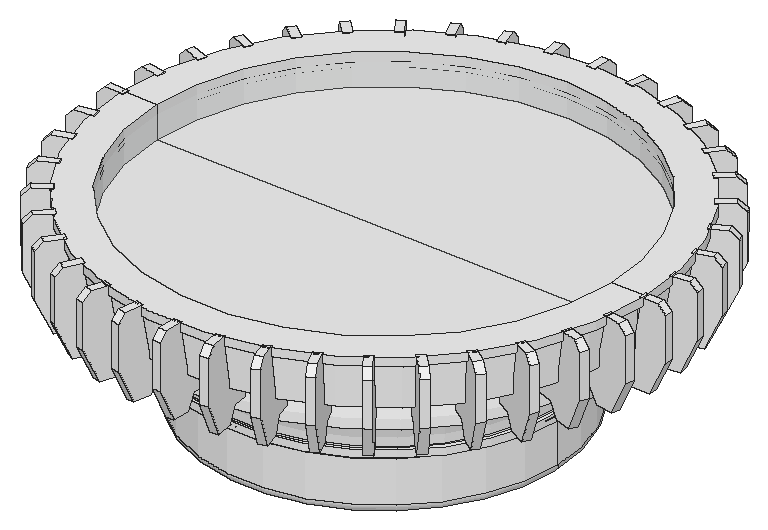
Revit family "HBLHO", category Lighting Fixtures, host Face, Revit 2014 (continued)
Definition of nested family "KHL"
  Automatic sketch dimensions
    Extrusion 35 sketch curve to Extrusion 35 sketch curve = 0.80901"
    Extrusion 35 sketch curve to Extrusion 35 sketch curve = 0.99442"
    Extrusion 35 sketch curve to Extrusion 35 sketch curve = 0.15753"
    Extrusion 36 sketch curve to Extrusion 36 sketch curve = 0.50721"
    Extrusion 36 sketch curve to Extrusion 36 sketch curve = 0.250"  (x3)
    Extrusion 36 sketch curve to Extrusion 36 sketch curve = 0.80078"
    Extrusion 36 sketch curve to Extrusion 36 sketch curve = 0.19714"
    Extrusion 36 sketch curve to Extrusion 36 sketch curve = 0.5625"
    Extrusion 36 sketch curve to Extrusion 36 sketch curve = 0.57179"
    Extrusion 36 sketch curve to Extrusion 36 sketch curve = 0.43301"
    Extrusion 36 sketch curve to Extrusion 36 sketch curve = 1.02515"
    Extrusion 36 sketch curve to Extrusion 36 sketch curve = 0.80901"
    Extrusion 36 sketch curve to Extrusion 36 sketch curve = 0.99442"
    Extrusion 36 sketch curve to Extrusion 36 sketch curve = 0.15753"
    Extrusion 37 sketch curve to Extrusion 37 sketch curve = 0.50721"
    Extrusion 37 sketch curve to Extrusion 37 sketch curve = 0.250"  (x3)
    Extrusion 37 sketch curve to Extrusion 37 sketch curve = 0.80078"
    Extrusion 37 sketch curve to Extrusion 37 sketch curve = 0.19714"
    Extrusion 37 sketch curve to Extrusion 37 sketch curve = 0.5625"
    Extrusion 37 sketch curve to Extrusion 37 sketch curve = 0.57179"
    Extrusion 37 sketch curve to Extrusion 37 sketch curve = 0.43301"
    Extrusion 37 sketch curve to Extrusion 37 sketch curve = 1.02515"
    Extrusion 37 sketch curve to Extrusion 37 sketch curve = 0.80901"
    Extrusion 37 sketch curve to Extrusion 37 sketch curve = 0.99442"
    Extrusion 37 sketch curve to Extrusion 37 sketch curve = 0.15753"
    Extrusion 38 sketch curve to Extrusion 38 sketch curve = 0.50721"
    Extrusion 38 sketch curve to Extrusion 38 sketch curve = 0.250"  (x3)
    Extrusion 38 sketch curve to Extrusion 38 sketch curve = 0.80078"
    Extrusion 38 sketch curve to Extrusion 38 sketch curve = 0.19714"
    Extrusion 38 sketch curve to Extrusion 38 sketch curve = 0.5625"
    Extrusion 38 sketch curve to Extrusion 38 sketch curve = 0.57179"
    Extrusion 38 sketch curve to Extrusion 38 sketch curve = 0.43301"
    Extrusion 38 sketch curve to Extrusion 38 sketch curve = 1.02515"
    Extrusion 38 sketch curve to Extrusion 38 sketch curve = 0.80901"
    Extrusion 38 sketch curve to Extrusion 38 sketch curve = 0.99442"
    Extrusion 38 sketch curve to Extrusion 38 sketch curve = 0.15753"
    Extrusion 39 sketch curve to Extrusion 39 sketch curve = 0.50721"
    Extrusion 39 sketch curve to Extrusion 39 sketch curve = 0.250"  (x3)
    Extrusion 39 sketch curve to Extrusion 39 sketch curve = 0.80078"
    Extrusion 39 sketch curve to Extrusion 39 sketch curve = 0.19714"
    Extrusion 39 sketch curve to Extrusion 39 sketch curve = 0.5625"
    Extrusion 39 sketch curve to Extrusion 39 sketch curve = 0.57179"
    Extrusion 39 sketch curve to Extrusion 39 sketch curve = 0.43301"
    Extrusion 39 sketch curve to Extrusion 39 sketch curve = 1.02515"
    Extrusion 39 sketch curve to Extrusion 39 sketch curve = 0.80901"
    Extrusion 39 sketch curve to Extrusion 39 sketch curve = 0.99442"
    Extrusion 39 sketch curve to Extrusion 39 sketch curve = 0.15753"
    Extrusion 40 sketch curve to Extrusion 40 sketch curve = 0.50721"
    Extrusion 40 sketch curve to Extrusion 40 sketch curve = 0.250"  (x3)
    Extrusion 40 sketch curve to Extrusion 40 sketch curve = 0.80078"
    Extrusion 40 sketch curve to Extrusion 40 sketch curve = 0.19714"
    Extrusion 40 sketch curve to Extrusion 40 sketch curve = 0.5625"
    Extrusion 40 sketch curve to Extrusion 40 sketch curve = 0.57179"
    Extrusion 40 sketch curve to Extrusion 40 sketch curve = 0.43301"
    Extrusion 40 sketch curve to Extrusion 40 sketch curve = 1.02515"
    Extrusion 40 sketch curve to Extrusion 40 sketch curve = 0.80901"
    Extrusion 40 sketch curve to Extrusion 40 sketch curve = 0.99442"
    Extrusion 40 sketch curve to Extrusion 40 sketch curve = 0.15753"
    Extrusion 41 sketch curve to Extrusion 41 sketch curve = 0.50721"
    Extrusion 41 sketch curve to Extrusion 41 sketch curve = 0.250"  (x3)
    Extrusion 41 sketch curve to Extrusion 41 sketch curve = 0.80078"
    Extrusion 41 sketch curve to Extrusion 41 sketch curve = 0.19714"
    Extrusion 41 sketch curve to Extrusion 41 sketch curve = 0.5625"
    Extrusion 41 sketch curve to Extrusion 41 sketch curve = 0.57179"
    Extrusion 41 sketch curve to Extrusion 41 sketch curve = 0.43301"
    Extrusion 41 sketch curve to Extrusion 41 sketch curve = 1.02515"
    Extrusion 41 sketch curve to Extrusion 41 sketch curve = 0.80901"
    Extrusion 41 sketch curve to Extrusion 41 sketch curve = 0.99442"
    Extrusion 41 sketch curve to Extrusion 41 sketch curve = 0.15753"
    Extrusion 42 sketch curve to Extrusion 42 sketch curve = 0.50721"
    Extrusion 42 sketch curve to Extrusion 42 sketch curve = 0.250"  (x3)
    Extrusion 42 sketch curve to Extrusion 42 sketch curve = 0.80078"
    Extrusion 42 sketch curve to Extrusion 42 sketch curve = 0.19714"
    Extrusion 42 sketch curve to Extrusion 42 sketch curve = 0.5625"
    Extrusion 42 sketch curve to Extrusion 42 sketch curve = 0.57179"
    Extrusion 42 sketch curve to Extrusion 42 sketch curve = 0.43301"
    Extrusion 42 sketch curve to Extrusion 42 sketch curve = 1.02515"
    Extrusion 42 sketch curve to Extrusion 42 sketch curve = 0.80901"
    Extrusion 42 sketch curve to Extrusion 42 sketch curve = 0.99442"
    Extrusion 42 sketch curve to Extrusion 42 sketch curve = 0.15753"
    Extrusion 43 sketch curve to Extrusion 43 sketch curve = 0.50721"
    Extrusion 43 sketch curve to Extrusion 43 sketch curve = 0.250"  (x3)
    Extrusion 43 sketch curve to Extrusion 43 sketch curve = 0.80078"
    Extrusion 43 sketch curve to Extrusion 43 sketch curve = 0.19714"
    Extrusion 43 sketch curve to Extrusion 43 sketch curve = 0.5625"
    Extrusion 43 sketch curve to Extrusion 43 sketch curve = 0.57179"
    Extrusion 43 sketch curve to Extrusion 43 sketch curve = 0.43301"
    Extrusion 43 sketch curve to Extrusion 43 sketch curve = 1.02515"
    Extrusion 43 sketch curve to Extrusion 43 sketch curve = 0.80901"
    Extrusion 43 sketch curve to Extrusion 43 sketch curve = 0.99442"
    Extrusion 43 sketch curve to Extrusion 43 sketch curve = 0.15753"
    Revolve 2 sketch curve to plane 3 "Center (Left/Right)" = 0.000"  (x2)
    Revolve 2 sketch curve to plane 8 = 0.1875"
    Revolve 2 sketch curve to plane 4 = 0.000"
    level to Revolve 2 sketch curve = 0.250"
    plane 8 to Revolve 2 sketch curve = 0.250"
    Revolve 2 sketch curve to Revolve 2 sketch curve = 0.18132"
    Revolve 2 sketch curve to plane 8 = 0.29677"
    Revolve 2 sketch curve to plane 8 = 0.32044"
    plane 6 to Revolve 2 sketch curve = 0.41781"
    plane 6 to Revolve 2 sketch curve = 0.2151"
    plane 6 to Revolve 2 sketch curve = 0.04698"
    plane 6 to Revolve 2 sketch curve = 0.01615"
    Revolve 2 sketch curve to plane 4 = 0.25493"
    Revolve 2 sketch curve to plane 6 = 0.78125"
    Revolve 2 sketch curve to Revolve 2 sketch curve = 0.250"
    Revolve 2 sketch curve to Revolve 2 sketch curve = 0.22746"
    Revolve 2 sketch curve to Revolve 2 sketch curve = 0.05014"
    Revolve 2 sketch curve to Revolve 2 sketch curve = 0.07308"
    Revolve 2 sketch curve to Revolve 2 sketch curve = 0.56496"
    Revolve 2 sketch curve to level = 4.500"
    plane 4 to Revolve 2 sketch curve = 2.500"
